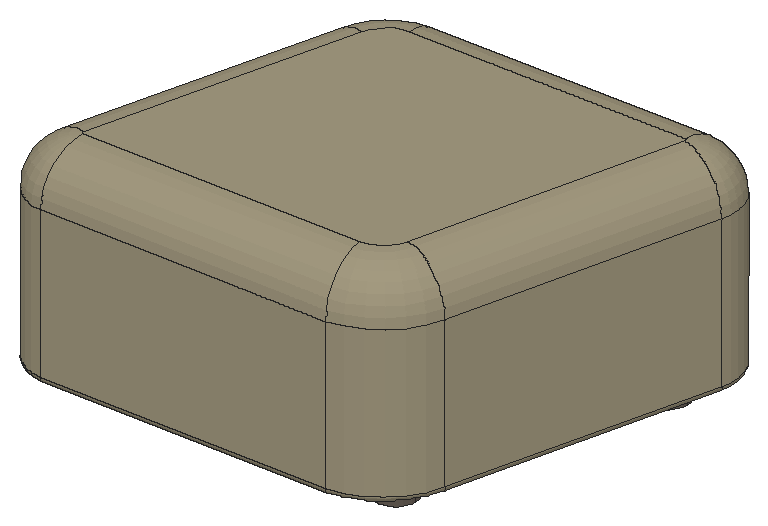
Revit family "FU_Modular_Sandler_Flow 06056", category Furniture, Revit 2022
Family settings
  OmniClass Number = 23.40.20.00
  OmniClass Title = General Furniture and Specialties
  Work Plane-Based = No
  Always vertical = Yes
  Cut with Voids When Loaded = No
  Render Appearance Source = Family Geometry
  Shared = No
  Room Calculation Point = No
Parameters (values of type "Flow 06056")
  Width = 940 mm
  URL = "https://www.sandlerseating.com/product/flow-06056/"
  Shell [instance] = Fabric - Mainline Flax - Kensington MLF07
  Model = "Flow 06056"
  Manufacturer = "Sandler"
  Height = 450 mm
  Description = "Left-hand modular element in the Flow series. Irregular square shape, no backrest, webbed seat."
  Depth = 780 mm
  Default Elevation = 0 mm
Reference planes
  plane 1 "Center (Front/Back)": y = 0
  plane 2: z = 0
  plane 3 "Center (Left/Right)": x = 0
  plane 4 "Right": x = -470
  plane 5 "Left": x = 470
  plane 6 "Back": y = 390
  plane 7 "Front": y = -390
  plane 8 "Height": z = 450
  plane 9 "Seat base": z = 50
Forms (mm)
  Extrusion 1, solid, material "Wood - Beech - Wenge"
    sketch origin (0, 0, 0) x (1, 0, 0) y (0, 1, 0)
      loop
        circle (-346.159, -257.532) r 40
      loop
        circle (-209.695, 246.634) r 40
      loop
        circle (347.92, 258.86) r 40
      loop
        circle (211.702, -238.185) r 40
    from 0 to 55
  Extrusion 2, solid, material "Fabric - Mainline Flax - Kensington MLF07" <- "Shell"
    sketch origin (0, 0, 50) x (-1, 0, 0) y (0, -1, 0)
      loop
        arc (461.595, 252.885) -> (447.012, 336.297) -> (373.669, 378.619) r 100
        arc (373.669, 378.619) -> (94.118, 390.226) -> (-185.354, 376.839) r 3132.058
        arc (-185.354, 376.839) -> (-273.936, 339.651) -> (-325.25, 258.432) r 160
        line (-325.25, 258.432) -> (-460.439, -252.743)
        arc (-460.439, -252.743) -> (-445.514, -335.901) -> (-372.235, -377.951) r 100
        arc (-372.235, -377.951) -> (-94.17, -389.187) -> (183.794, -375.696) r 3132.058
        arc (183.794, -375.696) -> (271.998, -338.78) -> (323.398, -258.154) r 160
        line (323.398, -258.154) -> (461.595, 252.885)
    from 0 to 400
  Sweep 3, void
    path in 3D
      loop
        arc (-461.595, -252.885, 450) -> (-447.012, -336.297, 450) -> (-373.669, -378.619, 450) r 100
        arc (-373.669, -378.619, 450) -> (-94.118, -390.226, 450) -> (185.354, -376.839, 450) r 3132.058
        arc (185.354, -376.839, 450) -> (273.936, -339.651, 450) -> (325.25, -258.432, 450) r 160
        line (325.25, -258.432, 450) -> (460.439, 252.743, 450)
        arc (460.439, 252.743, 450) -> (445.514, 335.901, 450) -> (372.235, 377.951, 450) r 100
        arc (372.235, 377.951, 450) -> (94.17, 389.187, 450) -> (-183.794, 375.696, 450) r 3132.058
        arc (-183.794, 375.696, 450) -> (-271.998, 338.78, 450) -> (-323.398, 258.154, 450) r 160
        line (-323.398, 258.154, 450) -> (-461.595, -252.885, 450)
    profile "Pro_edgeCut_95mm : Pro_edgeCut_95mm" origin (-392.496, 2.634, 450) x (0.965326, -0.261047, 0) y (0, 0, 1)
      loop
        line (95, 0) -> (95, 48) -> (-48, 48) -> (-48, -95) -> (0, -95)
        arc (0, -95) -> (27.825, -27.825) -> (95, 0) r 95
  Sweep 4, void
    path in 3D
      loop
        arc (325.25, -258.432, 50) -> (273.936, -339.651, 50) -> (185.354, -376.839, 50) r 160
        arc (185.354, -376.839, 50) -> (-94.118, -390.226, 50) -> (-373.669, -378.619, 50) r 3132.058
        arc (-373.669, -378.619, 50) -> (-447.012, -336.297, 50) -> (-461.595, -252.885, 50) r 100
        line (-461.595, -252.885, 50) -> (-323.398, 258.154, 50)
        arc (-323.398, 258.154, 50) -> (-271.998, 338.78, 50) -> (-183.794, 375.696, 50) r 160
        arc (-183.794, 375.696, 50) -> (94.17, 389.187, 50) -> (372.235, 377.951, 50) r 3132.058
        arc (372.235, 377.951, 50) -> (445.514, 335.901, 50) -> (460.439, 252.743, 50) r 100
        line (460.439, 252.743, 50) -> (325.25, -258.432, 50)
    profile "Pro_edgeCut_10mm : Pro_edgeCut_10mm" origin (392.845, -2.844, 50) x (-0.966762, 0.255677, 0) y (0, 0, -1)
      loop
        line (7.071, 21.213) -> (-21.213, -7.071) -> (0, -14.142) -> (0, -10)
        arc (0, -10) -> (2.929, -2.929) -> (10, 0) r 10
        line (10, 0) -> (14.142, 0) -> (7.071, 21.213)
Cuts and joins
  Sweep 3, Sweep 4 cuts Extrusion 2
Lines and regions (mm)
  sketch lines
    curve 1: line (-323.398, 258.154, 450) -> (-461.595, -252.885, 450)
    curve 2: arc (-323.398, 258.154, 450) -> (-271.998, 338.78, 450) -> (-183.794, 375.696, 450) r 160
    curve 3: arc (-183.794, 375.696, 450) -> (94.17, 389.187, 450) -> (372.235, 377.951, 450) r 3132.058
    curve 4: arc (372.235, 377.951, 450) -> (445.514, 335.901, 450) -> (460.439, 252.743, 450) r 100
    curve 5: line (325.25, -258.432, 450) -> (460.439, 252.743, 450)
    curve 6: arc (325.25, -258.432, 450) -> (273.936, -339.651, 450) -> (185.354, -376.839, 450) r 160
    curve 7: arc (185.354, -376.839, 450) -> (-94.118, -390.226, 450) -> (-373.669, -378.619, 450) r 3132.058
    curve 8: arc (-373.669, -378.619, 450) -> (-447.012, -336.297, 450) -> (-461.595, -252.885, 450) r 100
    curve 9: line (460.439, 252.743, 50) -> (325.25, -258.432, 50)
    curve 10: arc (460.439, 252.743, 50) -> (445.514, 335.901, 50) -> (372.235, 377.951, 50) r 100
    curve 11: arc (372.235, 377.951, 50) -> (94.17, 389.187, 50) -> (-183.794, 375.696, 50) r 3132.058
    curve 12: arc (-183.794, 375.696, 50) -> (-271.998, 338.78, 50) -> (-323.398, 258.154, 50) r 160
    curve 13: line (-461.595, -252.885, 50) -> (-323.398, 258.154, 50)
    curve 14: arc (-461.595, -252.885, 50) -> (-447.012, -336.297, 50) -> (-373.669, -378.619, 50) r 100
    curve 15: arc (-373.669, -378.619, 50) -> (-94.118, -390.226, 50) -> (185.354, -376.839, 50) r 3132.058
    curve 16: arc (185.354, -376.839, 50) -> (273.936, -339.651, 50) -> (325.25, -258.432, 50) r 160
Dimensions and locks
  equal spacing: plane 6 "Back", plane 1 "Center (Front/Back)", plane 7 "Front"
  "Depth": plane 6 "Back" to plane 7 "Front"
  equal spacing: plane 4 "Right", plane 3 "Center (Left/Right)", plane 5 "Left"
  "Width": plane 4 "Right" to plane 5 "Left"
  "Height": plane 8 "Height" to level
  aligned and locked: level to plane 2
Automatic sketch dimensions
  plane 4 "Right" to Extrusion 1 sketch curve = 123.841 mm
  Extrusion 1 sketch curve to plane 3 "Center (Left/Right)" = 209.695 mm
  plane 3 "Center (Left/Right)" to Extrusion 1 sketch curve = 211.702 mm
  Extrusion 1 sketch curve to plane 5 "Left" = 122.08 mm
  plane 7 "Front" to Extrusion 1 sketch curve = 132.468 mm
  plane 7 "Front" to Extrusion 1 sketch curve = 151.815 mm
  Extrusion 1 sketch curve to plane 6 "Back" = 143.366 mm
  Extrusion 1 sketch curve to plane 6 "Back" = 131.14 mm
  Extrusion 2 sketch curve to plane 5 "Left" = 9.561 mm
  Extrusion 2 sketch curve to Extrusion 2 sketch curve = 96.676 mm
  Extrusion 2 sketch curve to plane 5 "Left" = 144.75 mm
  Extrusion 2 sketch curve to Extrusion 2 sketch curve = 154.682 mm
  plane 3 "Center (Left/Right)" to Extrusion 2 sketch curve = 106.874 mm
  Extrusion 2 sketch curve to plane 3 "Center (Left/Right)" = 104.089 mm
  Extrusion 2 sketch curve to plane 3 "Center (Left/Right)" = 168.946 mm
  plane 4 "Right" to Extrusion 2 sketch curve = 146.602 mm
  plane 4 "Right" to Extrusion 2 sketch curve = 104.938 mm
  plane 4 "Right" to Extrusion 2 sketch curve = 8.405 mm
  plane 6 "Back" to Extrusion 2 sketch curve = 2351.817 mm
  Extrusion 2 sketch curve to plane 6 "Back" = 111.689 mm
  Extrusion 2 sketch curve to Extrusion 2 sketch curve = 25.568 mm
  Extrusion 2 sketch curve to plane 6 "Back" = 131.846 mm
  Extrusion 2 sketch curve to Extrusion 2 sketch curve = 41.768 mm
  plane 7 "Front" to Extrusion 2 sketch curve = 172.477 mm
  plane 7 "Front" to Extrusion 2 sketch curve = 131.568 mm
  plane 7 "Front" to Extrusion 2 sketch curve = 137.115 mm
  Extrusion 2 sketch curve to Extrusion 2 sketch curve = 26.105 mm
  Extrusion 2 sketch curve to plane 7 "Front" = 2352.846 mm
  Extrusion 2 sketch curve to Extrusion 2 sketch curve = 0 mm  (x2)
  radius of Extrusion 1 sketch curve = 40 mm  (x4)
